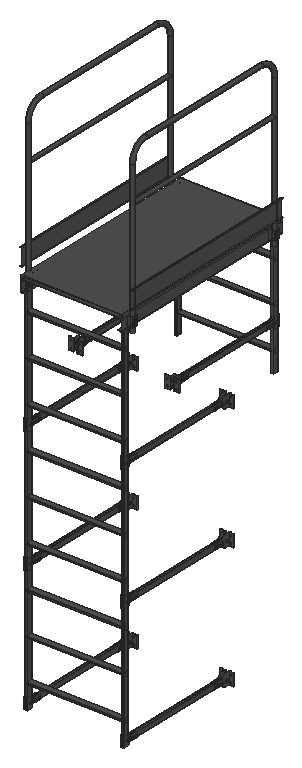
Revit family "BORGE_Вертикальная пожарная лестница_П-1", category Обобщенные модели, Revit 2019 (continued)
Definition of nested family "SHD_BORGE_Секция пожарной лестницы"
  Forms (mm)
    Extrusion 8, solid, material <- "ADSK_Материал", detail levels fine
      sketch origin (0, 0, 0) x (0, 1, 0) y (0, 0, -1)
        loop
          line (0, -3024.506) -> (6.5, -3020.753) -> (6.5, -3013.247) -> (0, -3009.494) -> (-6.5, -3013.247) -> (-6.5, -3020.753) -> (0, -3024.506)
      from -405.5 to -400
    Extrusion 9, solid, material <- "ADSK_Материал", detail levels fine
      sketch origin (0, 0, 0) x (0, 1, 0) y (0, 0, -1)
        loop
          line (0, -3024.506) -> (6.5, -3020.753) -> (6.5, -3013.247) -> (0, -3009.494) -> (-6.5, -3013.247) -> (-6.5, -3020.753) -> (0, -3024.506)
      from -373.4 to -366.9
    Extrusion 10, solid, material <- "ADSK_Материал", detail levels fine
      sketch origin (0, 0, 0) x (0, 1, 0) y (0, 0, 1)
        loop
          line (0, 3024.506) -> (-6.5, 3020.753) -> (-6.5, 3013.247) -> (0, 3009.494) -> (6.5, 3013.247) -> (6.5, 3020.753) -> (0, 3024.506)
      from -405.5 to -400
  Dimensions and locks
    "H": plane 4 to plane 2
    equal spacing: plane 6, plane 3 "По центру (Влево/Вправо)", plane 5
    locked: plane 6 to plane 5 at 800
    locked: plane 7 to plane 4 at 32
    locked: plane 7 to plane 8 at 15
    locked: plane 9 to plane 2 at 166.512
    equal spacing: plane 17, plane 16, plane 15, plane 14, plane 13, plane 12, plane 11, plane 10, plane 9
    aligned and locked: level to plane 2
    aligned and locked: plane 4 to Extrusion 1
    aligned and locked: Extrusion 1 to plane 2
    aligned and locked: Extrusion 2 to plane 5
    aligned and locked: plane 6 to Extrusion 2
    aligned and locked: Extrusion 5 to plane 4
    aligned and locked: plane 7 to Extrusion 5
    aligned and locked: plane 9 to Extrusion 2 sketch curve
    aligned and locked: plane 10 to Extrusion 2 sketch curve
    aligned and locked: plane 11 to Extrusion 2 sketch curve
    aligned and locked: plane 12 to Extrusion 3 sketch curve
    aligned and locked: plane 13 to Extrusion 3 sketch curve
    aligned and locked: plane 14 to Extrusion 3 sketch curve
    aligned and locked: plane 15 to Extrusion 4 sketch curve
    aligned and locked: plane 16 to Extrusion 4 sketch curve
    aligned and locked: plane 17 to Extrusion 4 sketch curve
  Automatic sketch dimensions
    Extrusion 1 sketch curve to plane 5 = 0 mm
    Extrusion 1 sketch curve to plane 6 = 0 mm
    plane 5 to Extrusion 1 sketch curve = 1.5 mm  (x2)
    Extrusion 1 sketch curve to Extrusion 1 sketch curve = 0 mm  (x3)
    Extrusion 1 sketch curve to Extrusion 1 sketch curve = 1.4 mm  (x3)
    Extrusion 1 sketch curve to Extrusion 1 sketch curve = 19.175 mm
    Extrusion 1 sketch curve to Extrusion 1 sketch curve = 19.227 mm
    Extrusion 1 sketch curve to Extrusion 1 sketch curve = 1.419 mm  (x2)
    Extrusion 1 sketch curve to Extrusion 1 sketch curve = 1.373 mm  (x5)
    Extrusion 1 sketch curve to Extrusion 1 sketch curve = 1.5 mm  (x2)
    Extrusion 1 sketch curve to Extrusion 1 sketch curve = 25 mm
    Extrusion 1 sketch curve to Extrusion 1 sketch curve = 1.506 mm
    Extrusion 1 sketch curve to Extrusion 1 sketch curve = 2.9 mm
    Extrusion 1 sketch curve to plane 6 = 2.9 mm
    Extrusion 1 sketch curve to plane 6 = 1.5 mm
    plane 1 "По центру (Вперед/Назад)" to Extrusion 1 sketch curve = 20 mm  (x2)
    Extrusion 1 sketch curve to Extrusion 1 sketch curve = 0.006 mm  (x2)
    Extrusion 1 sketch curve to plane 1 "По центру (Вперед/Назад)" = 17.1 mm  (x2)
    Extrusion 2 sketch curve to plane 1 "По центру (Вперед/Назад)" = 0 mm  (x3)
    Extrusion 3 sketch curve to plane 1 "По центру (Вперед/Назад)" = 0 mm  (x3)
    Extrusion 4 sketch curve to plane 1 "По центру (Вперед/Назад)" = 0 mm  (x3)
    plane 5 to Extrusion 5 sketch curve = 1.5 mm
    Extrusion 5 sketch curve to Extrusion 5 sketch curve = 1.5 mm
    Extrusion 5 sketch curve to Extrusion 5 sketch curve = 1.45 mm  (x4)
    Extrusion 5 sketch curve to Extrusion 5 sketch curve = 1.485 mm
    Extrusion 5 sketch curve to Extrusion 5 sketch curve = 0.004 mm  (x4)
    Extrusion 5 sketch curve to Extrusion 5 sketch curve = 0.05 mm  (x2)
    Extrusion 5 sketch curve to Extrusion 5 sketch curve = 17.496 mm
    Extrusion 5 sketch curve to Extrusion 5 sketch curve = 17.507 mm
    Extrusion 5 sketch curve to plane 6 = 21.996 mm  (x2)
    Extrusion 5 sketch curve to plane 6 = 4.5 mm
    Extrusion 5 sketch curve to plane 6 = 4.489 mm
    Extrusion 5 sketch curve to plane 6 = 1.5 mm
    plane 1 "По центру (Вперед/Назад)" to Extrusion 5 sketch curve = 17.5 mm  (x2)
    Extrusion 5 sketch curve to plane 1 "По центру (Вперед/Назад)" = 14.511 mm  (x2)
    Revolve 6 sketch curve to plane 8 = 0 mm  (x3)
    Revolve 6 sketch curve to plane 5 = 0 mm
    Revolve 6 sketch curve to plane 6 = 0 mm
    Revolve 6 sketch curve to plane 7 = 6.5 mm  (x2)
    plane 5 to Revolve 6 sketch curve = 25 mm
    Revolve 6 sketch curve to Revolve 6 sketch curve = 1.6 mm  (x2)
    Revolve 6 sketch curve to Revolve 6 sketch curve = 18.4 mm  (x2)
    plane 8 to Revolve 6 sketch curve = 4 mm  (x3)
    Revolve 6 sketch curve to Revolve 6 sketch curve = 45 mm
    Revolve 6 sketch curve to Revolve 6 sketch curve = 0 mm
    Revolve 6 sketch curve to plane 5 = 645.098 mm
    plane 6 to Revolve 6 sketch curve = 935.054 mm
    Extrusion 7 sketch curve to plane 1 "По центру (Вперед/Назад)" = 0 mm  (x2)
    plane 1 "По центру (Вперед/Назад)" to Extrusion 7 sketch curve = 6.5 mm
    Extrusion 7 sketch curve to plane 1 "По центру (Вперед/Назад)" = 6.5 mm
    Extrusion 7 sketch curve to plane 8 = 7.506 mm
    Extrusion 7 sketch curve to plane 8 = 3.753 mm  (x2)
    plane 8 to Extrusion 7 sketch curve = 3.753 mm  (x2)
    Extrusion 7 sketch curve to plane 7 = 7.494 mm
    Extrusion 8 sketch curve to plane 1 "По центру (Вперед/Назад)" = 0 mm  (x2)
    plane 1 "По центру (Вперед/Назад)" to Extrusion 8 sketch curve = 6.5 mm
    Extrusion 8 sketch curve to plane 1 "По центру (Вперед/Назад)" = 6.5 mm
    Extrusion 8 sketch curve to plane 7 = 7.494 mm
    plane 8 to Extrusion 8 sketch curve = 3.753 mm  (x2)
    Extrusion 8 sketch curve to plane 8 = 3.753 mm  (x2)
    Extrusion 8 sketch curve to Extrusion 8 sketch curve = 3.753 mm
    Extrusion 9 sketch curve to plane 1 "По центру (Вперед/Назад)" = 0 mm  (x2)
    plane 1 "По центру (Вперед/Назад)" to Extrusion 9 sketch curve = 6.5 mm
    Extrusion 9 sketch curve to plane 1 "По центру (Вперед/Назад)" = 6.5 mm
    Extrusion 9 sketch curve to plane 7 = 7.494 mm
    plane 8 to Extrusion 9 sketch curve = 3.753 mm  (x2)
    Extrusion 9 sketch curve to plane 8 = 3.753 mm  (x2)
    Extrusion 9 sketch curve to Extrusion 9 sketch curve = 3.753 mm
    Extrusion 10 sketch curve to plane 1 "По центру (Вперед/Назад)" = 0 mm  (x2)
    plane 1 "По центру (Вперед/Назад)" to Extrusion 10 sketch curve = 6.5 mm
    Extrusion 10 sketch curve to plane 1 "По центру (Вперед/Назад)" = 6.5 mm
    Extrusion 10 sketch curve to plane 8 = 7.506 mm
    Extrusion 10 sketch curve to plane 8 = 3.753 mm  (x2)
    plane 8 to Extrusion 10 sketch curve = 3.753 mm  (x2)
    Extrusion 10 sketch curve to plane 7 = 7.494 mm
    radius of Extrusion 2 sketch curve = 18.5 mm  (x3)
    radius of Extrusion 3 sketch curve = 18.5 mm  (x3)
    radius of Extrusion 4 sketch curve = 18.5 mm  (x3)
Definition of nested family "SHD_BORGE_Стеновой кронштейн"
  Parameters (values of type "Стеновой кронштейн")
    Manufacturer = "ООО «Борге», ООО «Бипро»"  # constant formula
    URL = "https://borge.ru/"
    LT = "BORGE_Стеновой кронштейн"  # constant formula
    L [instance] = if(Code1 = 1, 300 mm, if(Code1 = 2, 600 mm, 1000 mm))  # 1000 mm
    Code2 [instance] = 1
    Code1 [instance] = size_lookup(LT, "Code1", 1, Code2)  # 3
    ADSK_Размер_Длина [instance] = L + 47 mm  # 1047 mm
    ADSK_Примечание [instance] = ""
    ADSK_Позиция [instance] = ""
    ADSK_Обозначение [instance] = size_lookup(LT, "ADSK_Обозначение", "НЕ НАЙДЕНО", Code2)  # "08.104.10.01.01.000.9006"
    ADSK_Наименование краткое [instance] = "Стеновой кронштейн"
    ADSK_Наименование [instance] = size_lookup(LT, "ADSK_Наименование", "НЕ НАЙДЕНО", Code2)  # "Стеновой кронштейн BORGE для пожарной лестницы, 1000мм, оцинк., бело-алюминиевый (RAL 9006)"
    ADSK_Материал [instance] = none
    ADSK_Масса_Текст [instance] = if(Code1 = 1, "0.94", if(Code1 = 2, "1.4", "2"))  # "2"
    ADSK_Масса [instance] = if(Code1 = 1, 0.94, if(Code1 = 2, 1.4, 2))  # 2
    ADSK_Марка [instance] = ADSK_Обозначение  # "08.104.10.01.01.000.9006"
    ADSK_Количество [instance] = 1  # constant formula
    ADSK_Код изделия [instance] = ""
    ADSK_Завод-изготовитель [instance] = "ООО «Борге», ООО «Бипро»"  # constant formula
    ADSK_Единица измерения [instance] = "шт."  # constant formula
    ADSK_Группирование [instance] = ""
    ADSK_Версия семейства = "Rev1 2023-08"  # constant formula
    ADSK_URL страницы изделия = "https://borge.ru/products/fire-stairs/vertical_stairs/"
    ADSK_URL документации изделия = "https://borge.ru/products/fire-stairs/vertical_stairs/"
  Reference planes
    plane 1 "По центру (Вперед/Назад)": y = 0
    plane 2: z = 0
    plane 3 "По центру (Влево/Вправо)": x = 0
    plane 4: y = -1047.495
    plane 5: y = -1002.497
    plane 6: y = -2.497
    plane 7: y = -927.497
    plane 8: y = -1044.995
    plane 9: y = -138.997
    plane 10: y = -1024.996
  Forms (mm)
    Extrusion 1, solid, material <- "ADSK_Материал", detail levels fine
      sketch origin (0, 265, 0) x (0, 0, 1) y (1, 0, 0)
        loop
          arc (17.045, -11) -> (18.074, -10.574) -> (18.5, -9.545) r 1.455
          line (18.5, -9.545) -> (18.5, 9.51)
          arc (18.5, 9.51) -> (18.064, 10.564) -> (17.01, 11) r 1.49
          line (17.01, 11) -> (-17, 11)
          arc (-17, 11) -> (-18.061, 10.561) -> (-18.5, 9.5) r 1.5
          line (-18.5, 9.5) -> (-18.5, -9.5)
          arc (-18.5, -9.5) -> (-18.061, -10.561) -> (-17, -11) r 1.5
          line (-17, -11) -> (17.045, -11)
        loop
          arc (-20, -10.5) -> (-19.414, -11.914) -> (-18, -12.5) r 2
          line (-18, -12.5) -> (18, -12.5)
          arc (18, -12.5) -> (19.414, -11.914) -> (20, -10.5) r 2
          line (20, -10.5) -> (20, 10.5)
          arc (20, 10.5) -> (19.414, 11.914) -> (18, 12.5) r 2
          line (18, 12.5) -> (-18, 12.5)
          arc (-18, 12.5) -> (-19.414, 11.914) -> (-20, 10.5) r 2
          line (-20, 10.5) -> (-20, -10.5)
      from -1267.497 to -267.497
    Extrusion 2, solid, material <- "ADSK_Материал", detail levels fine
      sketch origin (0, 0, 0) x (0, 1, 0) y (0, 0, 1)
        loop
          line (0, 49.4) -> (-31.843, 49.4)
          arc (-31.843, 49.4) -> (-39.318, 48.082) -> (-45.891, 44.287) r 21.855
          line (-45.891, 44.287) -> (-57.509, 34.538)
          arc (-57.509, 34.538) -> (-59.792, 32.274) -> (-61.669, 29.664) r 19.375
          line (-61.669, 29.664) -> (-67.811, 19.428)
          arc (-67.811, 19.428) -> (-69.635, 17.649) -> (-72.098, 17) r 5
          line (-72.098, 17) -> (-138.997, 17) -> (-138.997, 0) -> (-138.997, -17) -> (-72.098, -17)
          arc (-72.098, -17) -> (-69.635, -17.649) -> (-67.811, -19.428) r 5
          line (-67.811, -19.428) -> (-61.669, -29.664)
          arc (-61.669, -29.664) -> (-59.792, -32.274) -> (-57.509, -34.538) r 19.375
          line (-57.509, -34.538) -> (-45.891, -44.287)
          arc (-45.891, -44.287) -> (-39.318, -48.082) -> (-31.843, -49.4) r 21.855
          line (-31.843, -49.4) -> (0, -49.4) -> (0, 0) -> (0, 49.4)
      from 12.5 to 14.5
    Extrusion 3, solid, material <- "ADSK_Материал", detail levels fine
      sketch origin (0, 0, 0) x (0, 1, 0) y (0, 0, -1)
        loop
          line (-1010.497, -45) -> (-1005.497, -40) -> (-1005.497, -19) -> (-1002.497, -19) -> (-1002.497, -17.01) -> (-927.497, -17.01) -> (-927.497, 0) -> (-927.497, 17.01) -> (-1002.497, 17.01) -> (-1002.497, 19) -> (-1005.497, 19) -> (-1005.497, 40) -> (-1010.497, 45) -> (-1047.495, 45) -> (-1047.495, 0) -> (-1047.495, -45) -> (-1010.497, -45)
      from 12.5 to 14.5
    Extrusion 4, solid, material <- "ADSK_Материал", detail levels fine
      sketch origin (0, 265, 0) x (0, 0, 1) y (1, 0, 0)
        loop
          line (49.4, -55.497) -> (49.4, -12.5) -> (-49.4, -12.5) -> (-49.4, -55.497) -> (49.4, -55.497)
        loop
          line (49.4, 55.497) -> (-49.4, 55.497) -> (-49.4, 12.5) -> (49.4, 12.5) -> (49.4, 55.497)
        loop
          circle (27.491, -35.463) r 5.522
        loop
          circle (-27.491, -35.463) r 5.522
        loop
          circle (27.491, 35.463) r 5.522
        loop
          circle (-27.491, 35.463) r 5.522
      from -267 to -265
    Extrusion 5, solid, material <- "ADSK_Материал", detail levels fine
      sketch origin (0, 265, 0) x (0, 0, 1) y (1, 0, 0)
        loop
          line (-22.25, -0.506) -> (-22.25, -10.5)
          arc (-22.25, -10.5) -> (-21.078, -13.328) -> (-18.25, -14.5) r 4
          line (-18.25, -14.5) -> (0, -14.5) -> (18.25, -14.5)
          arc (18.25, -14.5) -> (21.078, -13.328) -> (22.25, -10.5) r 4
          line (22.25, -10.5) -> (22.25, -0.506) -> (20.25, -0.506) -> (20.25, -10.5)
          arc (20.25, -10.5) -> (19.664, -11.914) -> (18.25, -12.5) r 2
          line (18.25, -12.5) -> (0, -12.5) -> (-18.25, -12.5)
          arc (-18.25, -12.5) -> (-19.664, -11.914) -> (-20.25, -10.5) r 2
          line (-20.25, -10.5) -> (-20.25, -0.506) -> (-22.25, -0.506)
        loop
          line (-22.25, 0.506) -> (-20.25, 0.506) -> (-20.25, 10.5)
          arc (-20.25, 10.5) -> (-19.664, 11.914) -> (-18.25, 12.5) r 2
          line (-18.25, 12.5) -> (0, 12.5) -> (18.25, 12.5)
          arc (18.25, 12.5) -> (19.664, 11.914) -> (20.25, 10.5) r 2
          line (20.25, 10.5) -> (20.25, 0.506) -> (22.25, 0.506) -> (22.25, 10.5)
          arc (22.25, 10.5) -> (21.078, 13.328) -> (18.25, 14.5) r 4
          line (18.25, 14.5) -> (0, 14.5) -> (-18.25, 14.5)
          arc (-18.25, 14.5) -> (-21.078, 13.328) -> (-22.25, 10.5) r 4
          line (-22.25, 10.5) -> (-22.25, 0.506)
      from -403.997 to -336.828
    Extrusion 6, solid, material <- "ADSK_Материал", detail levels fine
      sketch origin (0, 265, 0) x (0, 0, 1) y (1, 0, 0)
        loop
          line (-22.25, -0.506) -> (-22.25, -10.5)
          arc (-22.25, -10.5) -> (-21.078, -13.328) -> (-18.25, -14.5) r 4
          line (-18.25, -14.5) -> (0, -14.5) -> (18.25, -14.5)
          arc (18.25, -14.5) -> (21.078, -13.328) -> (22.25, -10.5) r 4
          line (22.25, -10.5) -> (22.25, -0.506) -> (20.25, -0.506) -> (20.25, -10.5)
          arc (20.25, -10.5) -> (19.664, -11.914) -> (18.25, -12.5) r 2
          line (18.25, -12.5) -> (0, -12.5) -> (-18.25, -12.5)
          arc (-18.25, -12.5) -> (-19.664, -11.914) -> (-20.25, -10.5) r 2
          line (-20.25, -10.5) -> (-20.25, -0.506) -> (-22.25, -0.506)
        loop
          line (-22.25, 0.506) -> (-20.25, 0.506) -> (-20.25, 10.5)
          arc (-20.25, 10.5) -> (-19.664, 11.914) -> (-18.25, 12.5) r 2
          line (-18.25, 12.5) -> (0, 12.5) -> (18.25, 12.5)
          arc (18.25, 12.5) -> (19.664, 11.914) -> (20.25, 10.5) r 2
          line (20.25, 10.5) -> (20.25, 0.506) -> (22.25, 0.506) -> (22.25, 10.5)
          arc (22.25, 10.5) -> (21.078, 13.328) -> (18.25, 14.5) r 4
          line (18.25, 14.5) -> (0, 14.5) -> (-18.25, 14.5)
          arc (-18.25, 14.5) -> (-21.078, 13.328) -> (-22.25, 10.5) r 4
          line (-22.25, 10.5) -> (-22.25, 0.506)
      from -1267.497 to -1192.497
    Extrusion 7, solid, material <- "ADSK_Материал", detail levels fine
      sketch origin (0, 0, 0) x (0, 1, 0) y (0, 0, 1)
        loop
          circle (-30.954, 0) r 4.515
        loop
          circle (-80.954, 0) r 4.515
        loop
          circle (-118.954, 0) r 4.515
      from -20 to 30.5
    Extrusion 8, solid, material <- "ADSK_Материал", detail levels fine
      sketch origin (0, 0, 0) x (0, 1, 0) y (0, 0, 1)
        loop
          line (-30.997, 7.506) -> (-37.497, 3.753) -> (-37.497, -3.753) -> (-30.997, -7.506) -> (-24.497, -3.753) -> (-24.497, 3.753) -> (-30.997, 7.506)
        loop
          line (-80.997, 7.506) -> (-87.497, 3.753) -> (-87.497, -3.753) -> (-80.997, -7.506) -> (-74.497, -3.753) -> (-74.497, 3.753) -> (-80.997, 7.506)
        loop
          line (-119.011, 7.506) -> (-125.511, 3.753) -> (-125.511, -3.753) -> (-119.011, -7.506) -> (-112.511, -3.753) -> (-112.511, 3.753) -> (-119.011, 7.506)
      from -20 to -14.5
    Extrusion 9, solid, material <- "ADSK_Материал", detail levels fine
      sketch origin (0, 0, 0) x (0, 1, 0) y (0, 0, 1)
        loop
          circle (-30.997, 0) r 8.5
        loop
          circle (-80.997, 0) r 8.5
        loop
          circle (-119.009, 0) r 8.5
      from 14.5 to 16.1
    Extrusion 10, solid, material <- "ADSK_Материал", detail levels fine
      sketch origin (0, 0, 0) x (0, 1, 0) y (0, 0, 1)
        loop
          line (-30.997, 7.506) -> (-37.497, 3.753) -> (-37.497, -3.753) -> (-30.997, -7.506) -> (-24.497, -3.753) -> (-24.497, 3.753) -> (-30.997, 7.506)
        loop
          line (-80.997, 7.506) -> (-87.497, 3.753) -> (-87.497, -3.753) -> (-80.997, -7.506) -> (-74.497, -3.753) -> (-74.497, 3.753) -> (-80.997, 7.506)
        loop
          line (-119.011, 7.506) -> (-125.511, 3.753) -> (-125.511, -3.753) -> (-119.011, -7.506) -> (-112.511, -3.753) -> (-112.511, 3.753) -> (-119.011, 7.506)
      from 16.1 to 22.6
    Extrusion 11, solid, material <- "ADSK_Материал", detail levels fine
      sketch origin (0, 0, 0) x (1, 0, 0) y (0, 1, 0)
        loop
          line (-12.5, -1047.495) -> (-1.002, -1047.495) -> (-1.002, -1044.995) -> (-12.5, -1044.995) -> (-12.5, -1047.495)
        loop
          line (12.5, -1047.495) -> (12.5, -1044.995) -> (1.002, -1044.995) -> (1.002, -1047.495) -> (12.5, -1047.495)
      from -44.721 to 44.721
    Extrusion 12, solid, material <- "ADSK_Материал", detail levels fine
      sketch origin (0, 0, 0) x (0, 1, 0) y (0, 0, -1)
        loop
          line (0, -49.4) -> (0, 0) -> (0, 49.4) -> (-31.843, 49.4)
          arc (-31.843, 49.4) -> (-39.318, 48.082) -> (-45.891, 44.287) r 21.855
          line (-45.891, 44.287) -> (-57.509, 34.538)
          arc (-57.509, 34.538) -> (-59.792, 32.274) -> (-61.669, 29.664) r 19.375
          line (-61.669, 29.664) -> (-67.811, 19.428)
          arc (-67.811, 19.428) -> (-69.635, 17.649) -> (-72.098, 17) r 5
          line (-72.098, 17) -> (-138.997, 17) -> (-138.997, 0) -> (-138.997, -17) -> (-72.098, -17)
          arc (-72.098, -17) -> (-69.635, -17.649) -> (-67.811, -19.428) r 5
          line (-67.811, -19.428) -> (-61.669, -29.664)
          arc (-61.669, -29.664) -> (-59.792, -32.274) -> (-57.509, -34.538) r 19.375
          line (-57.509, -34.538) -> (-45.891, -44.287)
          arc (-45.891, -44.287) -> (-39.318, -48.082) -> (-31.843, -49.4) r 21.855
          line (-31.843, -49.4) -> (0, -49.4)
      from 12.5 to 14.5
    Extrusion 13, solid, material <- "ADSK_Материал", detail levels fine
      sketch origin (0, 0, 0) x (0, 1, 0) y (0, 0, 1)
        loop
          line (-1010.497, 45) -> (-1047.495, 45) -> (-1047.495, 0) -> (-1047.495, -45) -> (-1010.497, -45) -> (-1005.497, -40) -> (-1005.497, -19) -> (-1002.497, -19) -> (-1002.497, -17.01) -> (-927.497, -17.01) -> (-927.497, 0) -> (-927.497, 17.01) -> (-1002.497, 17.01) -> (-1002.497, 19) -> (-1005.497, 19) -> (-1005.497, 40) -> (-1010.497, 45)
      from 12.5 to 14.5
    Extrusion 14, solid, material <- "ADSK_Материал", detail levels fine
      sketch origin (0, -213.214, 0) x (0, 1, 0) y (0, 0, 1)
        loop
          line (-730.997, 7.506) -> (-737.497, 3.753) -> (-737.497, -3.753) -> (-730.997, -7.506) -> (-724.497, -3.753) -> (-724.497, 3.753) -> (-730.997, 7.506)
        loop
          line (-769.435, 7.506) -> (-775.935, 3.753) -> (-775.935, -3.753) -> (-769.435, -7.506) -> (-762.935, -3.753) -> (-762.935, 3.753) -> (-769.435, 7.506)
        loop
          line (-811.355, 7.506) -> (-817.855, 3.753) -> (-817.855, -3.753) -> (-811.355, -7.506) -> (-804.855, -3.753) -> (-804.855, 3.753) -> (-811.355, 7.506)
      from -20 to -14.5
    Extrusion 15, solid, material <- "ADSK_Материал", detail levels fine
      sketch origin (0, -201.498, 0) x (0, 1, 0) y (0, 0, 1)
        loop
          circle (-742.829, 0) r 4.515
        loop
          circle (-780.954, 0) r 4.515
        loop
          circle (-822.86, 0) r 4.515
      from -20 to 30.5
    Extrusion 16, solid, material <- "ADSK_Материал", detail levels fine
      sketch origin (0, -213.214, 0) x (0, 1, 0) y (0, 0, 1)
        loop
          line (-730.997, 7.506) -> (-737.497, 3.753) -> (-737.497, -3.753) -> (-730.997, -7.506) -> (-724.497, -3.753) -> (-724.497, 3.753) -> (-730.997, 7.506)
        loop
          line (-769.122, 7.506) -> (-775.622, 3.753) -> (-775.622, -3.753) -> (-769.122, -7.506) -> (-762.622, -3.753) -> (-762.622, 3.753) -> (-769.122, 7.506)
        loop
          line (-811.199, 7.506) -> (-817.699, 3.753) -> (-817.699, -3.753) -> (-811.199, -7.506) -> (-804.699, -3.753) -> (-804.699, 3.753) -> (-811.199, 7.506)
      from 16.1 to 22.6
    Extrusion 17, solid, material <- "ADSK_Материал", detail levels fine
      sketch origin (0, -205.475, 0) x (0, 1, 0) y (0, 0, 1)
        loop
          circle (-739.044, 0) r 8.5
        loop
          circle (-777.013, 0) r 8.5
        loop
          circle (-819.009, 0) r 8.5
      from 14.5 to 16.1
  Dimensions and locks
    locked: plane 1 "По центру (Вперед/Назад)" to plane 6 at 2.497
    "L": plane 6 to plane 5
    locked: plane 5 to plane 4 at 44.998
    locked: plane 7 to plane 5 at 75
    locked: plane 8 to plane 4 at 2.5
    plane 6 to plane 9 = 136.5 mm
    equal spacing: plane 5, plane 10, plane 4
    aligned and locked: level to plane 2
    aligned and locked: Extrusion 1 to plane 5
    aligned and locked: plane 6 to Extrusion 1
    aligned and locked: Extrusion 4 to plane 1 "По центру (Вперед/Назад)"
    aligned and locked: plane 7 to Extrusion 6
    aligned and locked: Extrusion 6 to plane 5
  Automatic sketch dimensions
    Extrusion 1 sketch curve to level = 20 mm
    Extrusion 1 sketch curve to Extrusion 1 sketch curve = 1.5 mm  (x2)
    Extrusion 1 sketch curve to Extrusion 1 sketch curve = 0.5 mm  (x4)
    Extrusion 1 sketch curve to Extrusion 1 sketch curve = 2 mm
    Extrusion 1 sketch curve to Extrusion 1 sketch curve = 1 mm  (x2)
    level to Extrusion 1 sketch curve = 17.01 mm
    level to Extrusion 1 sketch curve = 17.045 mm
    Extrusion 1 sketch curve to Extrusion 1 sketch curve = 0.99 mm
    Extrusion 1 sketch curve to Extrusion 1 sketch curve = 0.955 mm
    Extrusion 1 sketch curve to plane 3 "По центру (Влево/Вправо)" = 12.5 mm
    plane 3 "По центру (Влево/Вправо)" to Extrusion 1 sketch curve = 9.5 mm
    Extrusion 2 sketch curve to plane 9 = 0 mm
    Extrusion 2 sketch curve to plane 1 "По центру (Вперед/Назад)" = 0 mm
    Extrusion 2 sketch curve to level = 0 mm  (x2)
    level to Extrusion 2 sketch curve = 22 mm
    plane 9 to Extrusion 2 sketch curve = 66.899 mm
    Extrusion 2 sketch curve to level = 17 mm
    Extrusion 2 sketch curve to Extrusion 2 sketch curve = 0 mm
    level to Extrusion 2 sketch curve = 19.428 mm
    Extrusion 2 sketch curve to Extrusion 2 sketch curve = 4.287 mm  (x2)
    Extrusion 2 sketch curve to level = 19.428 mm
    Extrusion 2 sketch curve to Extrusion 2 sketch curve = 6.142 mm  (x2)
    level to Extrusion 2 sketch curve = 34.538 mm
    Extrusion 2 sketch curve to Extrusion 2 sketch curve = 4.16 mm  (x2)
    Extrusion 2 sketch curve to level = 34.538 mm
    Extrusion 2 sketch curve to Extrusion 2 sketch curve = 11.618 mm  (x2)
    Extrusion 2 sketch curve to Extrusion 2 sketch curve = 12.454 mm  (x2)
    Extrusion 2 sketch curve to Extrusion 2 sketch curve = 13.212 mm
    Extrusion 2 sketch curve to Extrusion 2 sketch curve = 14.048 mm
    Extrusion 2 sketch curve to Extrusion 2 sketch curve = 9.749 mm  (x2)
    Extrusion 2 sketch curve to Extrusion 2 sketch curve = 5.113 mm
    Extrusion 2 sketch curve to Extrusion 2 sketch curve = 4.874 mm
    Extrusion 2 sketch curve to Extrusion 2 sketch curve = 14.842 mm
    Extrusion 2 sketch curve to Extrusion 2 sketch curve = 7.85 mm
    Extrusion 3 sketch curve to level = 0 mm  (x2)
    Extrusion 3 sketch curve to plane 4 = 0 mm
    Extrusion 3 sketch curve to plane 5 = 0 mm  (x2)
    Extrusion 3 sketch curve to plane 7 = 0 mm
    Extrusion 3 sketch curve to plane 5 = 8 mm  (x2)
    Extrusion 3 sketch curve to plane 5 = 3 mm  (x2)
    level to Extrusion 3 sketch curve = 17.01 mm
    Extrusion 3 sketch curve to Extrusion 3 sketch curve = 1.99 mm  (x2)
    Extrusion 3 sketch curve to Extrusion 3 sketch curve = 21 mm  (x2)
    Extrusion 3 sketch curve to Extrusion 3 sketch curve = 5 mm  (x2)
    Extrusion 3 sketch curve to level = 17.01 mm
    Extrusion 4 sketch curve to level = 49.4 mm
    plane 3 "По центру (Влево/Вправо)" to Extrusion 4 sketch curve = 12.5 mm
    Extrusion 4 sketch curve to Extrusion 4 sketch curve = 0 mm
    Extrusion 4 sketch curve to level = 27.491 mm  (x2)
    level to Extrusion 4 sketch curve = 27.491 mm  (x2)
    Extrusion 4 sketch curve to Extrusion 4 sketch curve = 21.909 mm  (x2)
    Extrusion 4 sketch curve to plane 3 "По центру (Влево/Вправо)" = 12.5 mm
    Extrusion 4 sketch curve to Extrusion 4 sketch curve = 22.963 mm  (x4)
    Extrusion 4 sketch curve to Extrusion 4 sketch curve = 20.034 mm  (x2)
    Extrusion 5 sketch curve to Extrusion 5 sketch curve = 0 mm  (x9)
    Extrusion 5 sketch curve to level = 0 mm  (x4)
    Extrusion 5 sketch curve to Extrusion 5 sketch curve = 18.25 mm  (x2)
    Extrusion 5 sketch curve to Extrusion 5 sketch curve = 2 mm  (x5)
    plane 3 "По центру (Влево/Вправо)" to Extrusion 5 sketch curve = 0.506 mm  (x2)
    level to Extrusion 5 sketch curve = 18.25 mm  (x2)
    Extrusion 5 sketch curve to plane 3 "По центру (Влево/Вправо)" = 0.506 mm  (x2)
    Extrusion 5 sketch curve to Extrusion 5 sketch curve = 9.994 mm  (x2)
    Extrusion 6 sketch curve to Extrusion 6 sketch curve = 0 mm  (x9)
    Extrusion 6 sketch curve to level = 0 mm  (x4)
    Extrusion 6 sketch curve to Extrusion 6 sketch curve = 18.25 mm  (x2)
    Extrusion 6 sketch curve to Extrusion 6 sketch curve = 2 mm  (x5)
    plane 3 "По центру (Влево/Вправо)" to Extrusion 6 sketch curve = 0.506 mm  (x2)
    level to Extrusion 6 sketch curve = 18.25 mm  (x2)
    Extrusion 6 sketch curve to plane 3 "По центру (Влево/Вправо)" = 0.506 mm  (x2)
    Extrusion 6 sketch curve to Extrusion 6 sketch curve = 9.994 mm  (x2)
    Extrusion 7 sketch curve to level = 0 mm  (x3)
    plane 9 to Extrusion 7 sketch curve = 20.043 mm
    Extrusion 7 sketch curve to Extrusion 7 sketch curve = 38 mm
    Extrusion 7 sketch curve to plane 6 = 28.457 mm
    Extrusion 8 sketch curve to level = 3.753 mm  (x6)
    plane 9 to Extrusion 8 sketch curve = 13.486 mm
    Extrusion 8 sketch curve to level = 7.506 mm  (x3)
    Extrusion 8 sketch curve to Extrusion 8 sketch curve = 6.5 mm  (x9)
    level to Extrusion 8 sketch curve = 7.506 mm  (x3)
    Extrusion 8 sketch curve to Extrusion 8 sketch curve = 25.014 mm
    level to Extrusion 8 sketch curve = 3.753 mm  (x6)
    Extrusion 8 sketch curve to plane 6 = 35 mm
    Extrusion 9 sketch curve to level = 0 mm  (x3)
    plane 9 to Extrusion 9 sketch curve = 19.988 mm
    Extrusion 9 sketch curve to Extrusion 9 sketch curve = 38.012 mm
    Extrusion 9 sketch curve to plane 6 = 28.5 mm
    Extrusion 11 sketch curve to plane 4 = 0 mm  (x2)
    Extrusion 11 sketch curve to plane 8 = 0 mm  (x2)
    Extrusion 11 sketch curve to plane 3 "По центру (Влево/Вправо)" = 12.5 mm
    Extrusion 11 sketch curve to plane 3 "По центру (Влево/Вправо)" = 1.002 mm
    plane 3 "По центру (Влево/Вправо)" to Extrusion 11 sketch curve = 1.002 mm
    Extrusion 11 sketch curve to Extrusion 11 sketch curve = 11.498 mm
    Extrusion 12 sketch curve to plane 9 = 0 mm
    Extrusion 12 sketch curve to plane 1 "По центру (Вперед/Назад)" = 0 mm
    Extrusion 12 sketch curve to level = 0 mm  (x2)
    level to Extrusion 12 sketch curve = 22 mm
    plane 9 to Extrusion 12 sketch curve = 66.899 mm
    Extrusion 12 sketch curve to level = 17 mm
    Extrusion 12 sketch curve to Extrusion 12 sketch curve = 0 mm
    level to Extrusion 12 sketch curve = 19.428 mm
    Extrusion 12 sketch curve to Extrusion 12 sketch curve = 4.287 mm  (x2)
    Extrusion 12 sketch curve to level = 19.428 mm
    Extrusion 12 sketch curve to Extrusion 12 sketch curve = 6.142 mm  (x2)
    level to Extrusion 12 sketch curve = 34.538 mm
    Extrusion 12 sketch curve to Extrusion 12 sketch curve = 4.16 mm  (x2)
    Extrusion 12 sketch curve to level = 34.538 mm
    Extrusion 12 sketch curve to Extrusion 12 sketch curve = 11.618 mm  (x2)
    Extrusion 12 sketch curve to Extrusion 12 sketch curve = 12.454 mm
    Extrusion 12 sketch curve to Extrusion 12 sketch curve = 16.614 mm
    Extrusion 12 sketch curve to Extrusion 12 sketch curve = 13.212 mm
    Extrusion 12 sketch curve to Extrusion 12 sketch curve = 14.048 mm
    Extrusion 12 sketch curve to Extrusion 12 sketch curve = 9.749 mm  (x2)
    Extrusion 12 sketch curve to Extrusion 12 sketch curve = 5.113 mm
    Extrusion 12 sketch curve to Extrusion 12 sketch curve = 4.874 mm
    Extrusion 12 sketch curve to Extrusion 12 sketch curve = 14.842 mm
    Extrusion 12 sketch curve to Extrusion 12 sketch curve = 7.85 mm
    Extrusion 13 sketch curve to level = 0 mm  (x2)
    Extrusion 13 sketch curve to plane 4 = 0 mm
    Extrusion 13 sketch curve to plane 5 = 0 mm  (x2)
    Extrusion 13 sketch curve to plane 7 = 0 mm
    Extrusion 13 sketch curve to plane 5 = 8 mm  (x2)
    Extrusion 13 sketch curve to plane 5 = 3 mm  (x2)
    Extrusion 13 sketch curve to level = 17.01 mm
    Extrusion 13 sketch curve to Extrusion 13 sketch curve = 1.99 mm  (x2)
    Extrusion 13 sketch curve to Extrusion 13 sketch curve = 21 mm  (x2)
    Extrusion 13 sketch curve to Extrusion 13 sketch curve = 5 mm  (x2)
    level to Extrusion 13 sketch curve = 17.01 mm
    Extrusion 14 sketch curve to level = 3.753 mm  (x6)
    plane 8 to Extrusion 14 sketch curve = 13.926 mm
    Extrusion 14 sketch curve to level = 7.506 mm  (x3)
    Extrusion 14 sketch curve to Extrusion 14 sketch curve = 6.5 mm  (x9)
    level to Extrusion 14 sketch curve = 7.506 mm  (x3)
    plane 5 to Extrusion 14 sketch curve = 13.348 mm
    Extrusion 14 sketch curve to plane 7 = 23.214 mm
    level to Extrusion 14 sketch curve = 3.753 mm  (x6)
    Extrusion 15 sketch curve to level = 0 mm  (x3)
    plane 8 to Extrusion 15 sketch curve = 20.637 mm
    plane 5 to Extrusion 15 sketch curve = 20.045 mm
    Extrusion 15 sketch curve to plane 7 = 16.83 mm
    Extrusion 16 sketch curve to level = 3.753 mm  (x6)
    plane 8 to Extrusion 16 sketch curve = 14.082 mm
    Extrusion 16 sketch curve to level = 7.506 mm  (x3)
    Extrusion 16 sketch curve to Extrusion 16 sketch curve = 6.5 mm  (x9)
    level to Extrusion 16 sketch curve = 7.506 mm  (x3)
    plane 5 to Extrusion 16 sketch curve = 13.661 mm
    Extrusion 16 sketch curve to plane 7 = 23.214 mm
    level to Extrusion 16 sketch curve = 3.753 mm  (x6)
    Extrusion 17 sketch curve to level = 0 mm  (x3)
    plane 8 to Extrusion 17 sketch curve = 20.511 mm
    plane 5 to Extrusion 17 sketch curve = 20.009 mm
    Extrusion 17 sketch curve to plane 7 = 17.022 mm
    radius of Extrusion 4 sketch curve = 5.522 mm  (x4)
    radius of Extrusion 7 sketch curve = 4.515 mm  (x3)
    radius of Extrusion 9 sketch curve = 8.5 mm  (x3)
    radius of Extrusion 15 sketch curve = 4.515 mm  (x3)
    radius of Extrusion 17 sketch curve = 8.5 mm  (x3)
Types (22, lengths in mm): name | Лестница_Внутренняя_Тип | Кронштейн_Внутренний_Тип | Кронштейн_Внешний_Тип | Кронштейн_Внешний_1_Высота | l1 | Kr_6_Vis | Kr_5_Vis | Kr_4_Vis | Les_Vis_2 | Code2_Площадка | Code2_Лестница_Внутренняя | Code2_Лестница_Внешняя_2 | Code2_Лестница_Внешняя_1 | Code2_Кронштейн_Внутренний | Code2_Кронштейн_Внешний | Code2 | BORGE_Высота лестницы | BORGE_Автопостроение длины лестницы | ADSK_Размер_Высота | ADSK_Материал
  Пожарная лестница_П1-1_Бело-алюминиевый_RAL 9006 | 0 | 0 | 3 | 1000 | 1025 | no | no | no | no | 54 | 10 | 10 | 54 | 10 | 10 | 10 | 3000 | yes | 3000 | BOGRE_Уcловный_Коричневый шоколад_RAL 8017
  Пожарная лестница_П1-1_Чёрный матовый_RAL 9005 | 0 | 0 | 3 | 1000 | 1025 | no | no | no | no | 46 | 2 | 2 | 46 | 2 | 2 | 2 | 3000 | yes | 3000 | BOGRE_Уcловный_Чёрный матовый_RAL 9005
  Пожарная лестница_П1-1_Чёрный_RAL 9005 | 0 | 0 | 3 | 1000 | 1025 | no | no | no | no | 47 | 3 | 3 | 47 | 3 | 3 | 3 | 3000 | yes | 3000 | BOGRE_Уcловный_Чёрный_RAL 9005
  Пожарная лестница_П1-1_Сигнально-белый_RAL 9003 | 0 | 0 | 3 | 1000 | 1025 | no | no | no | no | 48 | 4 | 4 | 48 | 4 | 4 | 4 | 3000 | yes | 3000 | BOGRE_Уcловный_Сигнально-белый_RAL 9003
  Пожарная лестница_П1-1_Окрашенный_NL 807 | 0 | 0 | 3 | 1000 | 1025 | no | no | no | no | 49 | 5 | 5 | 49 | 5 | 5 | 5 | 3000 | yes | 3000 | BOGRE_Уcловный_Окрашенный_NL 807
  Пожарная лестница_П1-1_Окрашенный_NL 805 | 0 | 0 | 3 | 1000 | 1025 | no | no | no | no | 50 | 6 | 6 | 50 | 6 | 6 | 6 | 3000 | yes | 3000 | BOGRE_Уcловный_Окрашенный_NL 805
  Пожарная лестница_П1-1_Серо-коричневый матовый_RAL 8019 | 0 | 0 | 3 | 1000 | 1025 | no | no | no | no | 51 | 7 | 7 | 51 | 7 | 7 | 7 | 3000 | yes | 3000 | BOGRE_Уcловный_Серо-коричневый матовый_RAL 8019
  Пожарная лестница_П1-1_Серо-коричневый_RAL 8019 | 0 | 0 | 3 | 1000 | 1025 | no | no | no | no | 52 | 8 | 8 | 52 | 8 | 8 | 8 | 3000 | yes | 3000 | BOGRE_Уcловный_Серо-коричневый_RAL 8019
  Пожарная лестница_П1-1_Коричневый шоколад матовый_RAL 8017 | 0 | 0 | 3 | 1000 | 1025 | no | no | no | no | 53 | 9 | 9 | 53 | 9 | 9 | 9 | 3000 | yes | 3000 | BOGRE_Уcловный_Коричневый шоколад матовый_RAL 8017
  Пожарная лестница_П1-1_Коричневый шоколад_RAL 8017 | 0 | 0 | 3 | 1000 | 1025 | no | no | no | no | 54 | 10 | 10 | 54 | 10 | 10 | 10 | 3000 | yes | 3000 | BOGRE_Уcловный_Коричневый шоколад_RAL 8017
  Пожарная лестница_П1-1_Терракотовый_RAL 8004 | 0 | 0 | 3 | 1000 | 1025 | no | no | no | no | 55 | 11 | 11 | 55 | 11 | 11 | 11 | 3000 | yes | 3000 | BOGRE_Уcловный_Терракотовый_RAL 8004
  Пожарная лестница_П1-1_Серый графит матовый_RAL 7024 | 0 | 0 | 3 | 1000 | 1025 | no | no | no | no | 56 | 12 | 12 | 56 | 12 | 12 | 12 | 3000 | yes | 3000 | BOGRE_Уcловный_Серый графит матовый_RAL 7024
  Пожарная лестница_П1-1_Серый графит_RAL 7024 | 1 | 1 | 2 | 1500 | 625 | yes | yes | yes | yes | 57 | 13 | 57 | 57 | 35 | 57 | 13 | 3000 | no | 3000 | BOGRE_Уcловный_Серый графит_RAL 7024
  Пожарная лестница_П1-1_Антрацитово-серый_RAL 7016 | 0 | 0 | 3 | 1000 | 1025 | yes | yes | yes | yes | 58 | 14 | 58 | 58 | 14 | 14 | 14 | 6000 | yes | 6000 | BOGRE_Уcловный_Антрацитово-серый_RAL 7016
  Пожарная лестница_П1-1_Сигнально-серый_RAL 7004 | 0 | 0 | 3 | 1000 | 1025 | no | no | no | no | 59 | 15 | 15 | 59 | 15 | 15 | 15 | 3000 | yes | 3000 | BOGRE_Уcловный_Сигнально-серый_RAL 7004
  Пожарная лестница_П1-1_Зелёный мох_RAL 6005 | 0 | 0 | 3 | 1000 | 1025 | no | no | no | no | 60 | 16 | 16 | 60 | 16 | 16 | 16 | 3000 | yes | 3000 | BOGRE_Уcловный_Зелёный мох_RAL 6005
  Пожарная лестница_П1-1_Лиственно-зеленый_RAL 6002 | 0 | 0 | 3 | 1000 | 1025 | no | no | no | no | 61 | 17 | 17 | 61 | 17 | 17 | 17 | 3000 | yes | 3000 | BOGRE_Уcловный_Лиственно-зеленый_RAL 6002
  Пожарная лестница_П1-1_Сигнально-синий_RAL 5005 | 0 | 0 | 3 | 1000 | 1025 | no | no | no | no | 62 | 18 | 18 | 62 | 18 | 18 | 18 | 3000 | yes | 3000 | BOGRE_Уcловный_Сигнально-синий_RAL 5005
  Пожарная лестница_П1-1_Серо-коричневый_RR 32 | 0 | 0 | 3 | 1000 | 1025 | no | no | no | no | 63 | 19 | 19 | 63 | 19 | 19 | 19 | 3000 | yes | 3000 | BOGRE_Уcловный_Серо-коричневый_RR 32
  Пожарная лестница_П1-1_Коричнево-красный_RAL 3011 | 0 | 0 | 3 | 1000 | 1025 | no | no | no | no | 64 | 20 | 20 | 64 | 20 | 20 | 20 | 3000 | yes | 3000 | BOGRE_Уcловный_Коричнево-красный_RAL 3011
  Пожарная лестница_П1-1_Красное вино_RAL 3005 | 0 | 0 | 3 | 1000 | 1025 | no | no | no | no | 65 | 21 | 21 | 65 | 21 | 21 | 21 | 3000 | yes | 3000 | BOGRE_Уcловный_Красное вино_RAL 3005
  Пожарная лестница_П1-1_Рубиново-красный_RAL 3003 | 0 | 0 | 3 | 1000 | 1025 | no | no | no | no | 66 | 22 | 22 | 66 | 22 | 22 | 22 | 3000 | yes | 3000 | BOGRE_Уcловный_Рубиново-красный_RAL 3003
